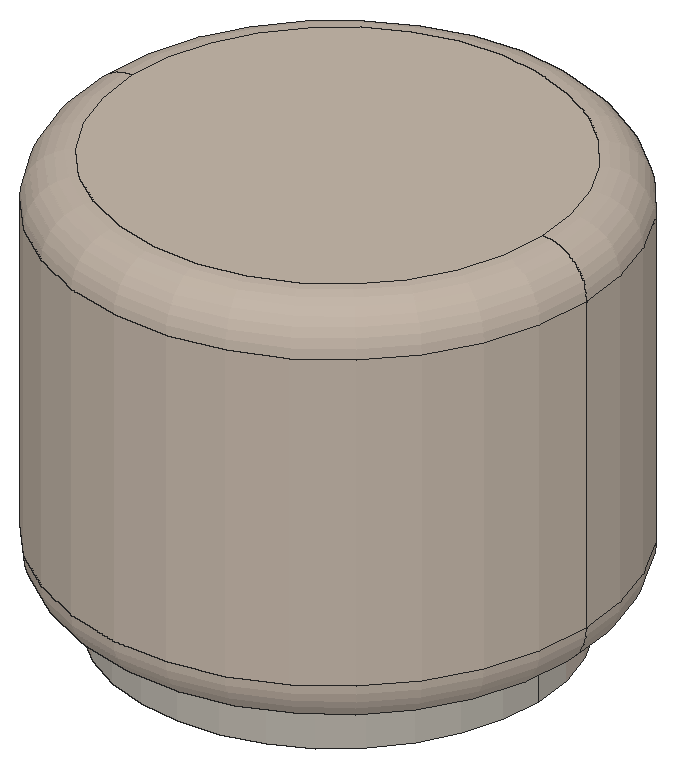
Revit family "FU_Chair_Sandler_Tablet 8-4", category Furniture, Revit 2020
Family settings
  OmniClass Number = 23.21.23.15.17
  Work Plane-Based = Yes
  Always vertical = No
  Cut with Voids When Loaded = No
  Shared = No
  Room Calculation Point = No
Parameters (values of type "TABLET 8.4")
  Youtube clip = ""
  Uniformat II Description = "Movable Furnishings"
  Uniformat II Code = ""
  Uniclass 2015 Name = ""
  Uniclass 2015 Code = ""
  Uniclass 2.0 Description = ""
  Uniclass 2.0 Code = ""
  Uniclass 1.4 Description = ""
  Uniclass 1.4 Code = ""
  UNSPSC Code = ""
  Technical description = ""
  Shell Material = Fabric - Gravity - Wheat CPC21
  Frame Material = Wood - Beech - 7030 Steingrau Grey
  Region South America = "All"
  Region Oceania = "All"
  Region North America = "All"
  Region Middle East = "All"
  Region Europe = "All"
  Region Asia = "All"
  Region Antarctica = "All"
  Region Africa = "All"
  QR code = "https://www.sandlerseating.com/product/tablet-8-1/"
  Product url = "https://www.sandlerseating.com/product/tablet-8-4/"
  Product name = "TABLET 8.1"
  Product group = "Chair"
  Product family = "Furniture"
  Product data url = "https://www.sandlerseating.com/product/tablet-8-4/"
  Product certification = ""
  Product SKU = "??"
  Product Guid = "??"
  OmniClass Description = ""
  OmniClass Code = "23-21 23 15 17"
  NBS Reference Description = ""
  NBS Reference Code = ""
  Model = "TABLET 8.4"
  Masterformat 2014 Description = "Chair Mats"
  Masterformat 2014 Code = "12 48 43.13"
  Manufacturer name = "Sandler"
  Manufacturer country = "USA"
  Manufacturer = "Sandler"
  Installation instructions = ""
  IFC Classification = "Furnishing Element"
  GTIN code = ""
  Edition number = 1
  Design country = "Brasil"
  Description = "Tablet ottoman with swivel wood plinth"
  Default Elevation = 0.000 mm
  Date of publishing = ""
  COBIe Type Category = ""
  Brand url = "https://www.sandlerseating.com/"
  BIMobject main category code = "furniture"
  BIMobject main category = "Furniture"
  BIMobject category code = "furniture-chair"
  BIMobject category = "Chair"
Reference planes
  plane 1 "Center Front/Back": y = 0
  plane 2: z = 0
  plane 3 "Center Left/Right": x = 0
  plane 4: z = 480
  plane 5: z = 45
  plane 6: x = -285
  plane 7: x = 285
  plane 8: y = 285
  plane 9: y = -285
Forms (mm)
  Extrusion 1, solid, material "Fabric - Gravity - Wheat CPC21" <- "Shell Material"
    sketch origin (0, 0, 800) x (0, -1, 0) y (1, 0, 0)
      loop
        circle (0, 0) r 285.022
    from -755 to -320
  Sweep 2, void
    path in 3D
      loop
        arc (285.022, 0, 480) -> (0, -285.022, 480) -> (-285.022, 0, 480) r 285.022
        arc (-285.022, 0, 480) -> (0, 285.022, 480) -> (285.022, 0, 480) r 285.022
    profile origin (0, 285.022, 480) x (0, 1, 0) y (0, 0, 1)
      loop
        line (0, 0) -> (-50, 0)
        arc (-50, 0) -> (-14.645, -14.645) -> (0, -50) r 50
        line (0, -50) -> (0, 0)
      loop
        line (0, -435) -> (0, -385)
        arc (0, -385) -> (-14.645, -420.355) -> (-50, -435) r 50
        line (-50, -435) -> (0, -435)
  Extrusion 3, solid, material "Wood - Beech - 7030 Steingrau Grey" <- "Frame Material"
    sketch origin (0, 0, 800) x (-1, 0, 0) y (0, -1, 0)
      loop
        circle (0, 0) r 230
    from -800 to -755
Cuts and joins
  Sweep 2 cuts Extrusion 1
Lines and regions (mm)
  sketch lines
    curve 1: arc (-285.022, 0, 480) -> (0, 285.022, 480) -> (285.022, 0, 480) r 285.022
    curve 2: arc (285.022, 0, 480) -> (0, -285.022, 480) -> (-285.022, 0, 480) r 285.022
Dimensions and locks
  aligned and locked: level to plane 2
